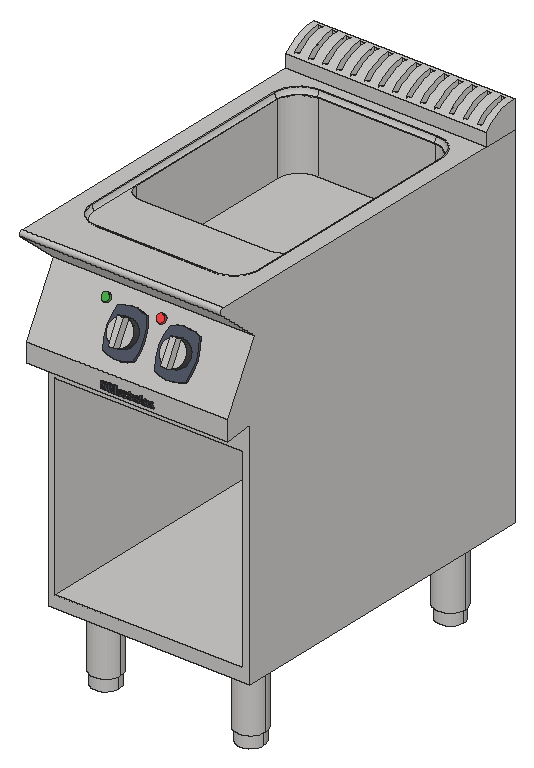
Revit family "QF_ELECTROLUXPROFESSIONAL_371109_E7MFEDDD00", category Specialty Equipment, Revit 2018
Family settings
  Round Connector Dimension = Use Diameter
  Part Type = Normal
  Work Plane-Based = No
  Always vertical = Yes
  Cut with Voids When Loaded = No
  Shared = No
  Room Calculation Point = No
Parameters
  Width = 400 mm  # constant formula
  Weight in Pounds = 88  # constant formula
  Watts = 5000 VA  # 5000 W
  Waste Water Discharge Temperature [instance] = -459.67 °F
  Volts = 400 V  # constant formula
  URL Cutsheet = "www.electrolux.com/foodservice"
  URL = "www.electrolux.com/foodservice"
  Type Mark [instance] = ""
  Status [instance] = ""
  Specification by User [instance] = ""
  Specification by Manufacturer = ""
  Show Logo [instance] = yes
  Show Clearance [instance] = yes
  Serial Number = ""
  Seismic Rating = ""
  SMACNA No = ""
  Revision Code [instance] = ""
  Plumbing Remarks [instance] = ""
  Plumbing Connection Type [instance] = ""
  Phase = 3  # constant formula
  Omniclass Number and Title = ""
  Number of Poles [instance] = 1
  NAFEM Spec ID Number = ""
  Model = "371109"
  Min Ckt Ampacity = 0 A
  Max Overcurrent Protection = 0 A
  Masterspec = ""
  Manufacturer = "ELECTROLUX"
  Item Number [instance] = ""
  Installed By [instance] = ""
  Indirect Waste Size = 0"
  Indirect Waste Flow [instance] = 0 GPM
  Indirect Waste Connection Type [instance] = ""
  Indirect Waste Connection Height = 0 mm
  Identify Quantity as Lot [instance] = yes
  Height = 333 mm  # constant formula
  HP = "6.7 HP"
  Furnished By [instance] = ""
  Foodservice Equipment Identifier [instance] = yes
  FL Amps = if(Phase = 3, Watts / (Volts * 1.73), Watts / Volts)  # 7.22543 A
  Electrical Remarks [instance] = "400 V/3N ph/50/60 Hz"  # constant formula
  Electric Connection Type [instance] = ""
  Elec Conn RI Height [instance] = 0 mm
  Elec Conn Connection Height [instance] = 0 mm
  Direct Waste Size = 0"
  Description = "700XP Electric Multifunctional Cooker 11 Lt. - with Compound Bottom - 400V"
  Depth = 730 mm  # constant formula
  Cycle = if([60 Hertz Option], 60 Hz, 50 Hz)  # 60 Hz
  Conn Plug = ""
  Conn Conduit = yes
  CSI MasterFormat = ""
  CSI Master Format = ""
  Base Height [instance] = 150 mm  # constant formula
  Apparent Power = if(Phase = 3, Volts * FL Amps * 1.73, Volts * FL Amps)  # 5000 VA
  60 Hertz Option = not([50 Hertz Option])  # yes
  50 Hertz Option = no
Reference planes
  plane 1 "BACK": y = 0
  plane 2: z = 0
  plane 3 "LEFT": x = 0
  plane 4 "RIGHT": x = 400
  plane 5 "FRONT": y = -730
  plane 6 "TOP": z = 905.238
  plane 7 "Center Y": x = 200
  plane 8 "Center X": y = -365
  plane 9 "BASE": z = 601
  plane 10 "TOP A": z = 851
  plane 11: y = -587.387
  plane 12: y = -90
  plane 13: z = 150
Forms (mm)
  Extrusion 1, solid, material "QF_Finishes_Stainless Steel"
    sketch origin (0, 0, 0) x (0, 1, 0) y (0, 0, 1)
      loop
        line (0, 851) -> (-725.027, 851)
        arc (-725.027, 851) -> (-730.893, 847.08) -> (-729.517, 840.16) r 6.35
        line (-729.517, 840.16) -> (-646.919, 767.809) -> (-713.522, 646.19) -> (-713.522, 608.09) -> (-660.15, 613.7) -> (-660.15, 150) -> (0, 150) -> (0, 851)
    from 0 to 400
  Extrusion 2, void
    sketch origin (0, 0, 851) x (-1, 0, 0) y (0, -1, 0)
      loop
        arc (-83.338, 90.124) -> (-47.982, 104.769) -> (-33.338, 140.124) r 50
        line (-33.338, 140.124) -> (-33.338, 595.265)
        arc (-33.338, 595.265) -> (-47.982, 630.62) -> (-83.338, 645.265) r 50
        line (-83.338, 645.265) -> (-316.662, 645.265)
        arc (-316.662, 645.265) -> (-352.018, 630.62) -> (-366.662, 595.265) r 50
        line (-366.662, 595.265) -> (-366.662, 140.124)
        arc (-366.662, 140.124) -> (-352.018, 104.769) -> (-316.662, 90.124) r 50
        line (-316.662, 90.124) -> (-83.338, 90.124)
    from 0 to -152.4
  Extrusion 3, solid, material "QF_Finishes_Clearance", visible <- "Show Clearance", detail levels coarse
    sketch origin (0, 0, 0) x (1, 0, 0) y (0, 1, 0)
      loop
        line (0, -731.377) -> (0, 0) -> (400, 0) -> (400, -731.377) -> (550.019, -731.377) -> (550.019, 150.019) -> (-150.019, 150.019) -> (-150.019, -731.377) -> (0, -731.377)
    from 0 to 905.237
  Revolve 4, solid, material "QF_Finishes_Stainless Steel"
    sketch origin (0, -587.387, 608.09) x (0, 0, 1) y (-1, 0, 0)
      loop
        line (-608.09, -56) -> (-458.09, -56) -> (-458.09, -26) -> (-583.09, -26) -> (-583.09, -29.75) -> (-608.09, -29.75) -> (-608.09, -56)
      axis (-608.09, -56) -> (-458.09, -56)
    angle from 0 to 360
  Revolve 5, solid, material "QF_Finishes_Stainless Steel"
    sketch origin (400.05, -587.387, 608.09) x (0, 0, 1) y (-1, 0, 0)
      loop
        line (-608.09, 56.05) -> (-608.09, 29.8) -> (-583.09, 29.8) -> (-583.09, 26.05) -> (-458.09, 26.05) -> (-458.09, 56.05) -> (-608.09, 56.05)
      axis (-608.09, 56.05) -> (-458.09, 56.05)
    angle from 0 to 360
  Revolve 6, solid, material "QF_Finishes_Stainless Steel"
    sketch origin (0, -90, 608.09) x (0, 0, 1) y (-1, 0, 0)
      loop
        line (-608.09, -56) -> (-458.09, -56) -> (-458.09, -26) -> (-583.09, -26) -> (-583.09, -29.75) -> (-608.09, -29.75) -> (-608.09, -56)
      axis (-608.09, -56) -> (-458.09, -56)
    angle from 0 to 360
  Revolve 7, solid, material "QF_Finishes_Stainless Steel"
    sketch origin (400.05, -90, 608.09) x (0, 0, 1) y (-1, 0, 0)
      loop
        line (-608.09, 56.05) -> (-608.09, 29.8) -> (-583.09, 29.8) -> (-583.09, 26.05) -> (-458.09, 26.05) -> (-458.09, 56.05) -> (-608.09, 56.05)
      axis (-608.09, 56.05) -> (-458.09, 56.05)
    angle from 0 to 360
  Extrusion 8, solid, material "QF_Finishes_Stainless Steel"
    sketch origin (-77.88, -4572, 601) x (-1, 0, 0) y (0, -1, 0)
      loop
        circle (-453.88, -4062) r 6.35
      loop
        circle (-211.88, -4016) r 12.7
    from 0 to -12.7
  Extrusion 9, solid, material "QF_Finishes_Stainless Steel"
    sketch origin (-77.88, -4572, 851) x (-1, 0, 0) y (0, -1, 0)
      loop
        line (-111.217, -4431.876) -> (-111.217, -3976.735)
        arc (-111.217, -3976.735) -> (-125.862, -3941.38) -> (-161.217, -3926.735) r 50
        line (-161.217, -3926.735) -> (-394.542, -3926.735)
        arc (-394.542, -3926.735) -> (-429.897, -3941.38) -> (-444.542, -3976.735) r 50
        line (-444.542, -3976.735) -> (-444.542, -4431.876)
        arc (-444.542, -4431.876) -> (-429.897, -4467.231) -> (-394.542, -4481.876) r 50
        line (-394.542, -4481.876) -> (-161.217, -4481.876)
        arc (-161.217, -4481.876) -> (-125.862, -4467.231) -> (-111.217, -4431.876) r 50
      loop
        arc (-439.487, -4431.876) -> (-426.323, -4463.657) -> (-394.542, -4476.821) r 44.945
        line (-394.542, -4476.821) -> (-161.217, -4476.821)
        arc (-161.217, -4476.821) -> (-129.436, -4463.657) -> (-116.272, -4431.876) r 44.945
        line (-116.272, -4431.876) -> (-116.272, -4081.735)
        arc (-116.272, -4081.735) -> (-125.059, -4060.522) -> (-146.272, -4051.735) r 30
        line (-146.272, -4051.735) -> (-409.487, -4051.735)
        arc (-409.487, -4051.735) -> (-430.7, -4060.522) -> (-439.487, -4081.735) r 30
        line (-439.487, -4081.735) -> (-439.487, -4431.876)
    from -12.7 to -152.4
  Sweep 10, solid, material "QF_Finishes_Stainless Steel"
    path origin (0, 0, 851) x (-1, 0, 0) y (0, -1, 0)
      loop
        line (-33.338, 140.124) -> (-33.338, 595.265)
        arc (-33.338, 595.265) -> (-47.982, 630.62) -> (-83.338, 645.265) r 50
        line (-83.338, 645.265) -> (-316.662, 645.265)
        arc (-316.662, 645.265) -> (-352.018, 630.62) -> (-366.662, 595.265) r 50
        line (-366.662, 595.265) -> (-366.662, 140.124)
        arc (-366.662, 140.124) -> (-352.018, 104.769) -> (-316.662, 90.124) r 50
        line (-316.662, 90.124) -> (-83.338, 90.124)
        arc (-83.338, 90.124) -> (-47.982, 104.769) -> (-33.338, 140.124) r 50
    profile origin (33.338, -367.694, 851) x (1, 0, 0) y (0, 0, 1)
      loop
        line (0, 0) -> (0, -10.84) -> (5.055, -10.84)
        arc (5.055, -10.84) -> (1.326, -5.98) -> (0, 0) r 14.151
  Extrusion 11, solid, material "QF_Finishes_Stainless Steel"
    sketch origin (0, 0, 0.762) x (0, 1, 0) y (0, 0, 1)
      loop
        line (0, 850.238) -> (0, 905.237)
        arc (0, 905.237) -> (-38.078, 897.879) -> (-69.85, 875.637) r 93.057
        line (-69.85, 875.637) -> (-69.85, 850.238) -> (0, 850.238)
    from 0 to 400.05
  Extrusion 12, void
    sketch origin (0, 0, 851) x (-1, 0, 0) y (0, -1, 0)
      loop
        line (-13.453, 6.761) -> (-13.453, 63.911) -> (-22.749, 63.911) -> (-22.749, 6.761) -> (-13.453, 6.761)
    from 25.4 to 63.5
  Extrusion 13, void
    sketch origin (400.05, 0, 851) x (1, 0, 0) y (0, 1, 0)
      loop
        line (-13.503, -6.761) -> (-22.799, -6.761) -> (-22.799, -63.911) -> (-13.503, -63.911) -> (-13.503, -6.761)
    from 25.4 to 63.5
  Extrusion 14, void
    sketch origin (27.988, 0, 851) x (-1, 0, 0) y (0, -1, 0)
      loop
        line (-13.453, 6.761) -> (-13.453, 63.911) -> (-22.749, 63.911) -> (-22.749, 6.761) -> (-13.453, 6.761)
    from 25.4 to 63.5
  Extrusion 15, void
    sketch origin (55.977, 0, 851) x (-1, 0, 0) y (0, -1, 0)
      loop
        line (-13.453, 6.761) -> (-13.453, 63.911) -> (-22.749, 63.911) -> (-22.749, 6.761) -> (-13.453, 6.761)
    from 25.4 to 63.5
  Extrusion 16, void
    sketch origin (83.965, 0, 851) x (-1, 0, 0) y (0, -1, 0)
      loop
        line (-13.428, 6.761) -> (-13.428, 63.911) -> (-22.724, 63.911) -> (-22.724, 6.761) -> (-13.428, 6.761)
    from 25.4 to 63.5
  Extrusion 17, void
    sketch origin (111.953, 0, 851) x (-1, 0, 0) y (0, -1, 0)
      loop
        line (-13.428, 6.761) -> (-13.428, 63.911) -> (-22.724, 63.911) -> (-22.724, 6.761) -> (-13.428, 6.761)
    from 25.4 to 63.5
  Extrusion 18, void
    sketch origin (139.942, 0, 851) x (-1, 0, 0) y (0, -1, 0)
      loop
        line (-13.428, 6.761) -> (-13.428, 63.911) -> (-22.724, 63.911) -> (-22.724, 6.761) -> (-13.428, 6.761)
    from 25.4 to 63.5
  Extrusion 19, void
    sketch origin (167.93, 0, 851) x (-1, 0, 0) y (0, -1, 0)
      loop
        line (-13.428, 6.761) -> (-13.428, 63.911) -> (-22.724, 63.911) -> (-22.724, 6.761) -> (-13.428, 6.761)
    from 25.4 to 63.5
  Extrusion 20, void
    sketch origin (195.918, 0, 851) x (-1, 0, 0) y (0, -1, 0)
      loop
        line (-13.428, 6.761) -> (-13.428, 63.911) -> (-22.724, 63.911) -> (-22.724, 6.761) -> (-13.428, 6.761)
    from 25.4 to 63.5
  Extrusion 21, void
    sketch origin (223.907, 0, 851) x (-1, 0, 0) y (0, -1, 0)
      loop
        line (-13.428, 6.761) -> (-13.428, 63.911) -> (-22.724, 63.911) -> (-22.724, 6.761) -> (-13.428, 6.761)
    from 25.4 to 63.5
  Extrusion 22, void
    sketch origin (251.895, 0, 851) x (-1, 0, 0) y (0, -1, 0)
      loop
        line (-13.428, 6.761) -> (-13.428, 63.911) -> (-22.724, 63.911) -> (-22.724, 6.761) -> (-13.428, 6.761)
    from 25.4 to 63.5
  Extrusion 23, void
    sketch origin (279.884, 0, 851) x (-1, 0, 0) y (0, -1, 0)
      loop
        line (-13.403, 6.761) -> (-13.403, 63.911) -> (-22.699, 63.911) -> (-22.699, 6.761) -> (-13.403, 6.761)
    from 25.4 to 63.5
  Extrusion 24, void
    sketch origin (307.872, 0, 851) x (-1, 0, 0) y (0, -1, 0)
      loop
        line (-13.403, 6.761) -> (-13.403, 63.911) -> (-22.699, 63.911) -> (-22.699, 6.761) -> (-13.403, 6.761)
    from 25.4 to 63.5
  Extrusion 25, void
    sketch origin (335.86, 0, 851) x (-1, 0, 0) y (0, -1, 0)
      loop
        line (-13.403, 6.761) -> (-13.403, 63.911) -> (-22.699, 63.911) -> (-22.699, 6.761) -> (-13.403, 6.761)
    from 25.4 to 63.5
  Extrusion 26, solid, material "QF_Finishes_Navy Blue"
    sketch origin (114.675, -713.772, 646.19) x (0, 0.484042, 0.875045) y (-1, 0, 0)
      loop
        arc (105.947, -132.642) -> (68.865, -123.661) -> (31.333, -130.523) r 91.844
        arc (31.333, -130.523) -> (24.206, -161.165) -> (31.333, -191.808) r 69.441
        arc (31.333, -191.808) -> (68.854, -198.519) -> (105.947, -189.74) r 93.759
        arc (105.947, -189.74) -> (112.176, -161.191) -> (105.947, -132.642) r 68.543
    from 0 to 3.175
  Extrusion 27, solid, material "QF_Finishes_Stainless Steel"
    sketch origin (114.675, -716.55, 647.727) x (0, 0.484042, 0.875045) y (-1, 0, 0)
      loop
        circle (68.826, -160.963) r 25.4
    from 0 to 12.7
  Extrusion 28, solid, material "QF_Finishes_Stainless Steel"
    sketch origin (114.675, -727.663, 653.875) x (0, 0.484042, 0.875045) y (-1, 0, 0)
      loop
        arc (93.558, -166.749) -> (94.226, -160.963) -> (93.558, -155.177) r 25.4
        line (93.558, -155.177) -> (44.094, -155.177)
        arc (44.094, -155.177) -> (43.426, -160.963) -> (44.094, -166.749) r 25.4
        line (44.094, -166.749) -> (93.558, -166.749)
    from 0 to 12.7
  Extrusion 29, solid, material "QF_Finishes_Navy Blue"
    sketch origin (9.675, -713.772, 646.19) x (0, 0.484042, 0.875045) y (-1, 0, 0)
      loop
        arc (105.947, -132.642) -> (68.865, -123.661) -> (31.333, -130.523) r 91.844
        arc (31.333, -130.523) -> (24.206, -161.165) -> (31.333, -191.808) r 69.441
        arc (31.333, -191.808) -> (68.854, -198.519) -> (105.947, -189.74) r 93.759
        arc (105.947, -189.74) -> (112.176, -161.191) -> (105.947, -132.642) r 68.543
    from 0 to 3.175
  Extrusion 30, solid, material "QF_Finishes_Stainless Steel"
    sketch origin (9.675, -716.55, 647.727) x (0, 0.484042, 0.875045) y (-1, 0, 0)
      loop
        circle (68.826, -160.963) r 25.4
    from 0 to 12.7
  Extrusion 31, solid, material "QF_Finishes_Stainless Steel"
    sketch origin (9.675, -727.663, 653.875) x (0, 0.484042, 0.875045) y (-1, 0, 0)
      loop
        arc (93.558, -166.749) -> (94.226, -160.963) -> (93.558, -155.177) r 25.4
        line (93.558, -155.177) -> (44.094, -155.177)
        arc (44.094, -155.177) -> (43.426, -160.963) -> (44.094, -166.749) r 25.4
        line (44.094, -166.749) -> (93.558, -166.749)
    from 0 to 12.7
  Extrusion 32, void
    sketch origin (0, -660.15, 150) x (0, 0, -1) y (-1, 0, 0)
      loop
        line (-25.4, -387.3) -> (-25.4, -12.7) -> (-412.9, -12.7) -> (-412.9, -387.3) -> (-25.4, -387.3)
    from 0 to 570.276
  Extrusion 33, solid, material "QF_Finishes_Green"
    sketch origin (22.175, -713.772, 646.19) x (0, 0.484042, 0.875045) y (-1, 0, 0)
      loop
        circle (110.564, -93.816) r 8
    from 0 to 3.175
  Extrusion 34, solid, material "QF_Finishes_Red"
    sketch origin (132.175, -713.772, 646.19) x (0, 0.484042, 0.875045) y (-1, 0, 0)
      loop
        circle (110.564, -93.816) r 8
    from 0 to 3.175
  Extrusion 35, solid, material "QF_Finishes_Navy Blue", visible <- "Show Logo"
    sketch origin (-140, -713.772, 608.09) x (0, 0, 1) y (-1, 0, 0)
      loop
        line (20.674, -296.698) -> (8.307, -296.698)
        arc (8.307, -296.698) -> (14.491, -301.27) -> (20.674, -296.698) r 6.467
      loop
        arc (20.674, -296.069) -> (19.505, -290.926) -> (14.849, -288.448) r 6.338
        line (14.849, -288.448) -> (14.849, -290.494)
        arc (14.849, -290.494) -> (16.333, -294.149) -> (19.778, -296.069) r 5.941
        line (19.778, -296.069) -> (20.674, -296.069)
      loop
        arc (9.203, -296.069) -> (12.648, -294.149) -> (14.132, -290.494) r 5.941
        line (14.132, -290.494) -> (14.132, -288.448)
        arc (14.132, -288.448) -> (9.438, -290.922) -> (8.148, -296.069) r 6.504
        line (8.148, -296.069) -> (9.203, -296.069)
      loop
        line (21.349, -287.979) -> (7.604, -287.979) -> (7.604, -301.742) -> (21.349, -301.742) -> (21.349, -287.979)
      loop
        arc (21.432, -304.71) -> (21.085, -304.352) -> (20.718, -304.69) r 0.358
        arc (20.718, -304.69) -> (20.404, -305.44) -> (19.687, -305.825) r 1.216
        line (19.687, -305.825) -> (9.274, -305.825)
        arc (9.274, -305.825) -> (8.614, -305.548) -> (8.218, -304.951) r 1.238
        arc (8.218, -304.951) -> (7.823, -304.7) -> (7.518, -305.054) r 0.358
        line (7.518, -305.054) -> (7.518, -314.933) -> (10.269, -314.933) -> (10.269, -314.036)
        arc (10.269, -314.036) -> (9.36, -313.456) -> (8.904, -312.479) r 1.928
        line (8.904, -312.479) -> (8.904, -309.98)
        arc (8.904, -309.98) -> (9.18, -309.251) -> (9.868, -308.887) r 1.101
        line (9.868, -308.887) -> (13.955, -308.887) -> (13.955, -312.561)
        arc (13.955, -312.561) -> (13.602, -313.058) -> (13.037, -313.286) r 1.083
        arc (13.037, -313.286) -> (12.773, -313.591) -> (13.065, -313.869) r 0.292
        line (13.065, -313.869) -> (16.028, -313.869)
        arc (16.028, -313.869) -> (16.33, -313.596) -> (16.092, -313.266) r 0.305
        arc (16.092, -313.266) -> (15.601, -313.018) -> (15.296, -312.561) r 1.083
        line (15.296, -312.561) -> (15.296, -308.887) -> (19.973, -308.887) -> (19.973, -312.635)
        arc (19.973, -312.635) -> (19.759, -313.39) -> (19.153, -313.888) r 1.314
        arc (19.153, -313.888) -> (18.934, -314.292) -> (19.288, -314.585) r 0.361
        line (19.288, -314.585) -> (21.432, -314.585) -> (21.432, -304.71)
      loop
        arc (20.715, -315.365) -> (20.335, -316.284) -> (19.416, -316.664) r 1.299
        line (19.416, -316.664) -> (9.837, -316.664)
        arc (9.837, -316.664) -> (8.999, -316.286) -> (8.728, -315.408) r 1.118
        line (8.728, -315.408) -> (7.518, -315.408) -> (7.518, -320.758) -> (8.706, -320.758)
        arc (8.706, -320.758) -> (8.978, -319.841) -> (9.848, -319.445) r 1.153
        line (9.848, -319.445) -> (21.92, -319.445) -> (20.715, -315.365)
      loop
        line (12.483, -323.394) -> (12.483, -329.842) -> (13.282, -329.842)
        arc (13.282, -329.842) -> (15.862, -328.857) -> (17.131, -326.404) r 3.874
        line (17.131, -326.404) -> (17.131, -324.643)
        arc (17.131, -324.643) -> (15.944, -321.778) -> (13.08, -320.592) r 4.051
        line (13.08, -320.592) -> (11.072, -320.592)
        arc (11.072, -320.592) -> (8.253, -322.077) -> (7.202, -325.084) r 4.352
        arc (7.202, -325.084) -> (7.566, -327.547) -> (8.943, -329.621) r 5.713
        line (8.943, -329.621) -> (9.892, -329.621)
        arc (9.892, -329.621) -> (9.16, -328.052) -> (8.943, -326.334) r 5.579
        arc (8.943, -326.334) -> (9.737, -324.371) -> (11.616, -323.394) r 3.057
        line (11.616, -323.394) -> (12.483, -323.394)
      loop
        line (13.742, -323.394) -> (13.742, -326.977)
        arc (13.742, -326.977) -> (15.199, -327.024) -> (16.082, -325.864) r 1.59
        line (16.082, -325.864) -> (16.082, -325.034)
        arc (16.082, -325.034) -> (15.217, -323.779) -> (13.742, -323.394) r 2.184
      loop
        arc (16.533, -339.259) -> (17.022, -337.585) -> (17.179, -335.848) r 9.023
        line (17.179, -335.848) -> (17.179, -334.486)
        arc (17.179, -334.486) -> (16.02, -331.686) -> (13.22, -330.527) r 3.959
        line (13.22, -330.527) -> (10.62, -330.527)
        arc (10.62, -330.527) -> (8.338, -331.819) -> (7.221, -334.192) r 4.331
        line (7.221, -334.192) -> (7.221, -336.327)
        arc (7.221, -336.327) -> (7.729, -337.877) -> (8.651, -339.223) r 5.772
        arc (8.651, -339.223) -> (9.412, -339.274) -> (9.499, -338.515) r 0.553
        arc (9.499, -338.515) -> (9.111, -337.781) -> (8.977, -336.962) r 2.573
        line (8.977, -336.962) -> (8.977, -335.447)
        arc (8.977, -335.447) -> (9.983, -333.806) -> (11.798, -333.163) r 2.884
        line (11.798, -333.163) -> (13.077, -333.163)
        arc (13.077, -333.163) -> (14.898, -333.723) -> (15.824, -335.388) r 2.554
        line (15.824, -335.388) -> (15.824, -336.441)
        arc (15.824, -336.441) -> (15.493, -337.369) -> (14.836, -338.104) r 2.564
        arc (14.836, -338.104) -> (14.614, -338.821) -> (15.223, -339.259) r 0.643
        line (15.223, -339.259) -> (16.533, -339.259)
      loop
        line (15.515, -339.53) -> (15.515, -341.031) -> (9.467, -341.031)
        arc (9.467, -341.031) -> (7.879, -341.688) -> (7.221, -343.276) r 2.246
        line (7.221, -343.276) -> (7.221, -344.86)
        arc (7.221, -344.86) -> (7.535, -345.725) -> (8.035, -346.496) r 4.06
        arc (8.035, -346.496) -> (8.768, -346.629) -> (9.019, -345.928) r 0.576
        arc (9.019, -345.928) -> (8.913, -345.403) -> (8.977, -344.87) r 1.69
        arc (8.977, -344.87) -> (9.519, -344.082) -> (10.425, -343.779) r 1.506
        line (10.425, -343.779) -> (15.563, -343.779) -> (15.563, -346.176) -> (16.119, -346.733) -> (16.941, -346.733) -> (16.941, -343.873) -> (20.172, -343.873) -> (15.515, -339.53)
      loop
        line (7.438, -347.63) -> (7.438, -353.017) -> (8.548, -353.017)
        arc (8.548, -353.017) -> (8.942, -352.066) -> (9.893, -351.672) r 1.345
        line (9.893, -351.672) -> (13.509, -351.672)
        arc (13.509, -351.672) -> (14.274, -352.264) -> (14.564, -353.186) r 1.615
        line (14.564, -353.186) -> (14.564, -354.742) -> (17.119, -355.427) -> (17.119, -354.044) -> (15.177, -351.485) -> (17.057, -351.485) -> (16.773, -348.779)
        arc (16.773, -348.779) -> (16.333, -348.249) -> (15.674, -348.45) r 0.621
        arc (15.674, -348.45) -> (15.274, -348.792) -> (14.78, -348.975) r 1.501
        line (14.78, -348.975) -> (9.893, -348.975)
        arc (9.893, -348.975) -> (8.942, -348.581) -> (8.548, -347.63) r 1.345
        line (8.548, -347.63) -> (7.438, -347.63)
      loop
        line (13.54, -354.964) -> (10.848, -354.964)
        arc (10.848, -354.964) -> (8.403, -356.272) -> (7.269, -358.803) r 4.288
        arc (7.269, -358.803) -> (7.205, -360.183) -> (7.269, -361.563) r 15.022
        arc (7.269, -361.563) -> (8.403, -364.094) -> (10.848, -365.401) r 4.288
        line (10.848, -365.401) -> (13.54, -365.401)
        arc (13.54, -365.401) -> (15.986, -364.094) -> (17.119, -361.563) r 4.288
        arc (17.119, -361.563) -> (17.183, -360.183) -> (17.119, -358.803) r 15.022
        arc (17.119, -358.803) -> (15.986, -356.272) -> (13.54, -354.964) r 4.288
      loop
        line (13.745, -358.078) -> (10.643, -358.078)
        arc (10.643, -358.078) -> (8.486, -360.235) -> (10.643, -362.392) r 2.157
        line (10.643, -362.392) -> (13.745, -362.392)
        arc (13.745, -362.392) -> (15.902, -360.235) -> (13.745, -358.078) r 2.157
      loop
        arc (20.726, -365.26) -> (20.355, -366.154) -> (19.461, -366.524) r 1.264
        line (19.461, -366.524) -> (9.597, -366.524)
        arc (9.597, -366.524) -> (8.727, -366.127) -> (8.455, -365.211) r 1.153
        line (8.455, -365.211) -> (7.518, -365.211) -> (7.518, -370.319) -> (8.446, -370.319)
        arc (8.446, -370.319) -> (8.805, -369.547) -> (9.597, -369.232) r 1.153
        line (9.597, -369.232) -> (21.92, -369.232) -> (20.726, -365.26)
      loop
        arc (15.846, -369.857) -> (15.647, -370.921) -> (14.678, -371.403) r 1.215
        line (14.678, -371.403) -> (9.658, -371.403)
        arc (9.658, -371.403) -> (8.043, -372.051) -> (7.322, -373.634) r 2.338
        line (7.322, -373.634) -> (7.322, -375.148)
        arc (7.322, -375.148) -> (7.497, -376.152) -> (7.999, -377.038) r 2.979
        line (7.999, -377.038) -> (7.518, -378.835) -> (7.518, -380.524) -> (16.943, -380.524) -> (16.649, -376.32) -> (15.863, -376.32)
        arc (15.863, -376.32) -> (15.507, -377.156) -> (14.755, -377.665) r 1.605
        line (14.755, -377.665) -> (9.652, -377.665)
        arc (9.652, -377.665) -> (9.232, -376.728) -> (9.159, -375.704) r 2.94
        arc (9.159, -375.704) -> (9.72, -374.603) -> (10.873, -374.16) r 1.724
        line (10.873, -374.16) -> (17.07, -374.16) -> (15.846, -369.857)
      loop
        line (16.874, -381.377) -> (15.202, -383.423) -> (12.028, -385.729) -> (8.572, -382.617)
        arc (8.572, -382.617) -> (8.335, -382.223) -> (8.357, -381.764) r 0.789
        line (8.357, -381.764) -> (7.518, -381.764) -> (7.518, -385.309) -> (8.344, -385.309)
        arc (8.344, -385.309) -> (8.686, -384.947) -> (9.176, -385.039) r 0.52
        line (9.176, -385.039) -> (10.976, -386.51) -> (8.858, -387.886)
        arc (8.858, -387.886) -> (8.457, -387.576) -> (8.37, -387.076) r 0.7
        line (8.37, -387.076) -> (7.518, -387.076) -> (7.518, -393.003) -> (8.405, -393.003)
        arc (8.405, -393.003) -> (8.472, -392.344) -> (8.866, -391.813) r 1.247
        line (8.866, -391.813) -> (13.066, -388.532) -> (15.513, -390.585) -> (16.874, -392.327) -> (16.874, -388.604) -> (15.389, -389.026) -> (13.868, -387.749) -> (15.568, -386.559) -> (16.874, -387.336) -> (16.874, -381.377)
    from 0 to 1.644
Cuts and joins
  Extrusion 2, Extrusion 32 cuts Extrusion 1
  Extrusion 12, Extrusion 13, Extrusion 14, Extrusion 15, Extrusion 16, Extrusion 17, Extrusion 18, Extrusion 19, Extrusion 20, Extrusion 21, Extrusion 22, Extrusion 23, Extrusion 24, Extrusion 25, Extrusion 32 cuts Extrusion 3
  Extrusion 12, Extrusion 13, Extrusion 14, Extrusion 15, Extrusion 16, Extrusion 17, Extrusion 18, Extrusion 19, Extrusion 20, Extrusion 21, Extrusion 22, Extrusion 23, Extrusion 24, Extrusion 25 cuts Extrusion 11
Lines and regions (mm)
  symbolic lines, style "QF-Clearances", visible <- "Show Clearance", detail levels coarse
    curve 1: line (-150.019, 150.019, 851) -> (-150.019, -731.377, 851)
    curve 2: line (550.019, 150.019, 851) -> (-150.019, 150.019, 851)
    curve 3: line (550.019, -731.377, 851) -> (550.019, 150.019, 851)
  symbolic lines
    curve 4: line (0, 0, 851) -> (400, 0, 851)
    curve 5: line (0, -730, 851) -> (0, 0, 851)
    curve 6: line (400, 0, 851) -> (400, -730, 851)
    curve 7: line (0, -69.85, 851) -> (0, -63.012, 851)
    curve 8: line (400, -730, 851) -> (0, -730, 851)
    curve 9: arc (361.608, -490.265, 851) -> (352.821, -511.478, 851) -> (331.608, -520.265, 851) r 30
    curve 10: arc (68.392, -520.265, 851) -> (47.179, -511.478, 851) -> (38.392, -490.265, 851) r 30
    curve 11: arc (83.313, -95.179, 851) -> (51.549, -108.336, 851) -> (38.392, -140.099, 851) r 44.92
    curve 12: line (38.392, -140.099, 851) -> (38.392, -595.265, 851)
    curve 13: arc (38.392, -595.265, 851) -> (51.556, -627.046, 851) -> (83.338, -640.21, 851) r 44.945
    curve 14: arc (316.663, -640.21, 851) -> (348.444, -627.046, 851) -> (361.608, -595.265, 851) r 44.945
    curve 15: line (361.608, -595.265, 851) -> (361.608, -140.124, 851)
    curve 16: arc (361.608, -140.124, 851) -> (348.444, -108.343, 851) -> (316.663, -95.179, 851) r 44.945
    curve 17: arc (83.313, -90.124, 851) -> (47.975, -104.761, 851) -> (33.338, -140.099, 851) r 49.975
    curve 18: line (33.338, -140.099, 851) -> (33.338, -595.265, 851)
    curve 19: arc (33.338, -595.265, 851) -> (47.982, -630.62, 851) -> (83.338, -645.265, 851) r 50
    curve 20: arc (316.663, -645.265, 851) -> (352.018, -630.62, 851) -> (366.663, -595.265, 851) r 50
    curve 21: line (366.663, -595.265, 851) -> (366.663, -140.124, 851)
    curve 22: arc (366.663, -140.124, 851) -> (352.018, -104.769, 851) -> (316.663, -90.124, 851) r 50
    curve 23: line (316.663, -90.124, 851) -> (79.418, -90.124, 851)
    curve 24: line (83.338, -645.265, 851) -> (316.663, -645.265, 851)
    curve 25: line (83.338, -640.21, 851) -> (316.663, -640.21, 851)
    curve 26: line (331.608, -520.265, 851) -> (68.392, -520.265, 851)
    curve 27: line (316.663, -95.179, 851) -> (83.313, -95.179, 851)
    curve 28: line (0, -69.85, 851) -> (400, -69.85, 851)
    curve 29: line (22.724, -6.761, 851) -> (22.724, -63.911, 851)
    curve 30: line (22.724, -63.911, 851) -> (13.428, -63.911, 851)
    curve 31: line (13.428, -63.911, 851) -> (13.428, -6.761, 851)
    curve 32: line (13.428, -6.761, 851) -> (22.724, -6.761, 851)
    curve 33: line (386.547, -6.761, 851) -> (386.547, -63.911, 851)
    curve 34: line (386.547, -63.911, 851) -> (377.251, -63.911, 851)
    curve 35: line (377.251, -63.911, 851) -> (377.251, -6.761, 851)
    curve 36: line (377.251, -6.761, 851) -> (386.547, -6.761, 851)
    curve 37: line (50.712, -6.761, 851) -> (50.712, -63.911, 851)
    curve 38: line (50.712, -63.911, 851) -> (41.416, -63.911, 851)
    curve 39: line (41.416, -63.911, 851) -> (41.416, -6.761, 851)
    curve 40: line (41.416, -6.761, 851) -> (50.712, -6.761, 851)
    curve 41: line (78.7, -6.761, 851) -> (78.7, -63.911, 851)
    curve 42: line (78.7, -63.911, 851) -> (69.405, -63.911, 851)
    curve 43: line (69.405, -63.911, 851) -> (69.405, -6.761, 851)
    curve 44: line (69.405, -6.761, 851) -> (78.7, -6.761, 851)
    curve 45: line (106.689, -6.761, 851) -> (106.689, -63.911, 851)
    curve 46: line (106.689, -63.911, 851) -> (97.393, -63.911, 851)
    curve 47: line (97.393, -63.911, 851) -> (97.393, -6.761, 851)
    curve 48: line (97.393, -6.761, 851) -> (106.689, -6.761, 851)
    curve 49: line (134.677, -6.761, 851) -> (134.677, -63.911, 851)
    curve 50: line (134.677, -63.911, 851) -> (125.381, -63.911, 851)
    curve 51: line (125.381, -63.911, 851) -> (125.381, -6.761, 851)
    curve 52: line (125.381, -6.761, 851) -> (134.677, -6.761, 851)
    curve 53: line (162.665, -6.761, 851) -> (162.665, -63.911, 851)
    curve 54: line (162.665, -63.911, 851) -> (153.37, -63.911, 851)
    curve 55: line (153.37, -63.911, 851) -> (153.37, -6.761, 851)
    curve 56: line (153.37, -6.761, 851) -> (162.665, -6.761, 851)
    curve 57: line (190.654, -6.761, 851) -> (190.654, -63.911, 851)
    curve 58: line (190.654, -63.911, 851) -> (181.358, -63.911, 851)
    curve 59: line (181.358, -63.911, 851) -> (181.358, -6.761, 851)
    curve 60: line (181.358, -6.761, 851) -> (190.654, -6.761, 851)
    curve 61: line (218.642, -6.761, 851) -> (218.642, -63.911, 851)
    curve 62: line (218.642, -63.911, 851) -> (209.346, -63.911, 851)
    curve 63: line (209.346, -63.911, 851) -> (209.346, -6.761, 851)
    curve 64: line (209.346, -6.761, 851) -> (218.642, -6.761, 851)
    curve 65: line (246.605, -6.761, 851) -> (246.605, -63.911, 851)
    curve 66: line (246.605, -63.911, 851) -> (237.31, -63.911, 851)
    curve 67: line (237.31, -63.911, 851) -> (237.31, -6.761, 851)
    curve 68: line (237.31, -6.761, 851) -> (246.605, -6.761, 851)
    curve 69: line (274.594, -6.761, 851) -> (274.594, -63.911, 851)
    curve 70: line (274.594, -63.911, 851) -> (265.298, -63.911, 851)
    curve 71: line (265.298, -63.911, 851) -> (265.298, -6.761, 851)
    curve 72: line (265.298, -6.761, 851) -> (274.594, -6.761, 851)
    curve 73: line (302.582, -6.761, 851) -> (302.582, -63.911, 851)
    curve 74: line (302.582, -63.911, 851) -> (293.286, -63.911, 851)
    curve 75: line (293.286, -63.911, 851) -> (293.286, -6.761, 851)
    curve 76: line (293.286, -6.761, 851) -> (302.582, -6.761, 851)
    curve 77: line (330.57, -6.761, 851) -> (330.57, -63.911, 851)
    curve 78: line (330.57, -63.911, 851) -> (321.275, -63.911, 851)
    curve 79: line (321.275, -63.911, 851) -> (321.275, -6.761, 851)
    curve 80: line (321.275, -6.761, 851) -> (330.57, -6.761, 851)
    curve 81: line (358.559, -6.761, 851) -> (358.559, -63.911, 851)
    curve 82: line (358.559, -63.911, 851) -> (349.263, -63.911, 851)
    curve 83: line (349.263, -63.911, 851) -> (349.263, -6.761, 851)
    curve 84: line (349.263, -6.761, 851) -> (358.559, -6.761, 851)
Dimensions and locks
  equal spacing: plane 3 "LEFT", plane 7 "Center Y", plane 4 "RIGHT"
  "Width": plane 3 "LEFT" to plane 4 "RIGHT"
  equal spacing: plane 5 "FRONT", plane 8 "Center X", plane 1 "BACK"
  "Depth": plane 5 "FRONT" to plane 1 "BACK"
  plane 1 "BACK" to plane 5 "FRONT" = 730 mm
  locked: plane 10 "TOP A" to plane 9 "BASE" at 250
  "Base Height": plane 13 to level
  plane 10 "TOP A" to plane 13 = 701 mm
  plane 3 "LEFT" to Extrusion 8 sketch curve = 134 mm
  Extrusion 8 sketch curve to plane 1 "BACK" = 556 mm
  Extrusion 8 sketch curve to plane 4 "RIGHT" = 24 mm
  Extrusion 8 sketch curve to plane 1 "BACK" = 510 mm
  aligned and locked: level to plane 2
  aligned and locked: plane 4 "RIGHT" to Extrusion 1
  aligned and locked: plane 6 "TOP" to Extrusion 3
Automatic sketch dimensions
  Extrusion 1 sketch curve to plane 10 "TOP A" = 0 mm
  Extrusion 1 sketch curve to plane 13 = 0 mm
  Extrusion 1 sketch curve to plane 1 "BACK" = 0 mm
  plane 11 to Extrusion 1 sketch curve = 59.531 mm
  plane 9 "BASE" to Extrusion 1 sketch curve = 12.7 mm
  Extrusion 1 sketch curve to plane 5 "FRONT" = 69.85 mm
  plane 9 "BASE" to Extrusion 1 sketch curve = 7.09 mm
  Extrusion 1 sketch curve to plane 5 "FRONT" = 16.478 mm
  Extrusion 1 sketch curve to plane 5 "FRONT" = 4.973 mm
  Extrusion 1 sketch curve to plane 5 "FRONT" = 0.483 mm
  Extrusion 1 sketch curve to Extrusion 1 sketch curve = 38.1 mm
  Extrusion 1 sketch curve to plane 10 "TOP A" = 83.191 mm
  Extrusion 1 sketch curve to plane 10 "TOP A" = 10.84 mm
  plane 11 to Extrusion 2 sketch curve = 7.877 mm
  Extrusion 2 sketch curve to plane 4 "RIGHT" = 33.337 mm
  plane 11 to Extrusion 2 sketch curve = 57.877 mm
  plane 12 to Extrusion 2 sketch curve = 0.124 mm
  Extrusion 2 sketch curve to Extrusion 2 sketch curve = 50 mm
  plane 3 "LEFT" to Extrusion 2 sketch curve = 83.338 mm  (x2)
  plane 3 "LEFT" to Extrusion 2 sketch curve = 33.338 mm
  plane 1 "BACK" to Extrusion 3 sketch curve = 0 mm
  Extrusion 3 sketch curve to plane 3 "LEFT" = 0 mm
  Extrusion 3 sketch curve to plane 4 "RIGHT" = 0 mm
  Extrusion 3 sketch curve to plane 3 "LEFT" = 150.019 mm
  plane 5 "FRONT" to Extrusion 3 sketch curve = 1.377 mm  (x2)
  plane 4 "RIGHT" to Extrusion 3 sketch curve = 150.019 mm
  Extrusion 3 sketch curve to plane 1 "BACK" = 150.019 mm
  curve 11 to curve 17 = 0 mm  (x2)
  curve 13 to curve 19 = 0 mm  (x2)
  curve 14 to curve 20 = 0 mm  (x2)
  curve 16 to curve 22 = 0 mm
  curve 8 to plane 4 "RIGHT" = 0 mm
  curve 28 to plane 3 "LEFT" = 0 mm
  curve 7 to plane 3 "LEFT" = 0 mm
  plane 1 "BACK" to curve 5 = 0 mm
  plane 5 "FRONT" to curve 6 = 0 mm
  plane 4 "RIGHT" to curve 3 = 150.019 mm
  curve 33 to plane 4 "RIGHT" = 13.453 mm
  curve 33 to curve 36 = 9.296 mm
  plane 11 to curve 20 = 7.877 mm
  curve 20 to plane 4 "RIGHT" = 33.337 mm
  curve 22 to curve 16 = 5.055 mm
  curve 34 to curve 82 = 18.693 mm
  curve 81 to curve 82 = 9.296 mm
  curve 82 to curve 78 = 18.693 mm
  curve 77 to curve 80 = 9.296 mm
  plane 11 to curve 14 = 52.822 mm
  plane 1 "BACK" to curve 76 = 6.761 mm
  curve 79 to curve 76 = 18.693 mm
  curve 73 to curve 75 = 9.296 mm
  plane 1 "BACK" to curve 69 = 6.761 mm
  curve 75 to curve 69 = 18.693 mm
  curve 69 to curve 71 = 9.296 mm
  plane 1 "BACK" to curve 65 = 6.761 mm
  curve 71 to curve 65 = 18.693 mm
  curve 65 to curve 67 = 9.296 mm
  plane 7 "Center Y" to curve 62 = 18.642 mm
  curve 61 to curve 63 = 9.296 mm
  curve 60 to plane 7 "Center Y" = 9.346 mm
  curve 57 to curve 59 = 9.296 mm
  plane 1 "BACK" to curve 56 = 6.761 mm
  curve 59 to curve 56 = 18.693 mm
  curve 53 to curve 55 = 9.296 mm
  curve 54 to curve 50 = 18.693 mm
  curve 49 to curve 51 = 9.296 mm
  curve 50 to curve 45 = 18.693 mm
  curve 45 to curve 47 = 9.296 mm
  curve 10 to plane 11 = 67.123 mm
  plane 3 "LEFT" to curve 19 = 83.338 mm
  plane 12 to curve 27 = 5.179 mm
  curve 17 to curve 23 = 3.895 mm
  curve 46 to curve 42 = 18.693 mm
  curve 41 to curve 43 = 9.296 mm
  curve 10 to curve 10 = 30 mm
  curve 42 to curve 37 = 18.693 mm
  curve 37 to curve 39 = 9.296 mm
  plane 1 "BACK" to curve 29 = 6.761 mm
  curve 39 to curve 29 = 18.693 mm
  curve 29 to curve 30 = 9.296 mm
  plane 5 "FRONT" to curve 1 = 1.377 mm
  curve 1 to plane 3 "LEFT" = 150.019 mm
  curve 2 to plane 1 "BACK" = 150.019 mm
  plane 1 "BACK" to curve 81 = 6.761 mm
  plane 1 "BACK" to curve 80 = 6.761 mm
  plane 1 "BACK" to curve 64 = 6.761 mm
  plane 1 "BACK" to curve 60 = 6.761 mm
  plane 1 "BACK" to curve 52 = 6.761 mm
  plane 1 "BACK" to curve 48 = 6.761 mm
  plane 1 "BACK" to curve 44 = 6.761 mm
  plane 1 "BACK" to curve 40 = 6.761 mm
  plane 1 "BACK" to curve 36 = 6.761 mm
  curve 7 to plane 12 = 26.988 mm
  curve 82 to plane 12 = 26.089 mm
  curve 53 to plane 12 = 26.089 mm
  curve 79 to plane 12 = 26.089 mm
  curve 75 to plane 12 = 26.089 mm
  curve 71 to plane 12 = 26.089 mm
  curve 7 to curve 29 = 0.898 mm
  curve 67 to plane 12 = 26.089 mm
  curve 33 to plane 12 = 26.089 mm
  curve 63 to plane 12 = 26.089 mm
  curve 38 to plane 12 = 26.089 mm
  curve 53 to curve 59 = 0 mm
  curve 41 to plane 12 = 26.089 mm
  curve 45 to plane 12 = 26.089 mm
  curve 45 to curve 51 = 0 mm
  curve 33 to curve 28 = 5.939 mm
  curve 7 to curve 28 = 0 mm
  plane 5 "FRONT" to curve 3 = 1.377 mm
  Revolve 4 sketch curve to level = 0 mm
  Revolve 4 sketch curve to plane 13 = 0 mm  (x2)
  level to Revolve 4 sketch curve = 25 mm
  Revolve 4 sketch curve to Revolve 4 sketch curve = 20 mm
  plane 3 "LEFT" to Revolve 4 sketch curve = 56 mm
  Revolve 4 sketch curve to Revolve 4 sketch curve = 0 mm
  plane 3 "LEFT" to Revolve 4 sketch curve = 29.75 mm
  plane 3 "LEFT" to Revolve 4 sketch curve = 26 mm
  Revolve 5 sketch curve to level = 0 mm
  Revolve 5 sketch curve to plane 13 = 0 mm  (x2)
  level to Revolve 5 sketch curve = 25 mm
  Revolve 5 sketch curve to Revolve 5 sketch curve = 20 mm
  Revolve 5 sketch curve to plane 4 "RIGHT" = 26 mm
  Revolve 5 sketch curve to Revolve 5 sketch curve = 3.75 mm
  Revolve 5 sketch curve to Revolve 5 sketch curve = 30 mm
  Revolve 5 sketch curve to Revolve 5 sketch curve = 0 mm
  Revolve 6 sketch curve to level = 0 mm
  Revolve 6 sketch curve to plane 13 = 0 mm  (x2)
  level to Revolve 6 sketch curve = 25 mm
  Revolve 6 sketch curve to Revolve 6 sketch curve = 20 mm
  plane 3 "LEFT" to Revolve 6 sketch curve = 56 mm
  Revolve 6 sketch curve to Revolve 6 sketch curve = 0 mm
  plane 3 "LEFT" to Revolve 6 sketch curve = 29.75 mm
  plane 3 "LEFT" to Revolve 6 sketch curve = 26 mm
  Revolve 7 sketch curve to level = 0 mm
  Revolve 7 sketch curve to plane 13 = 0 mm  (x2)
  level to Revolve 7 sketch curve = 25 mm
  Revolve 7 sketch curve to Revolve 7 sketch curve = 20 mm
  Revolve 7 sketch curve to plane 4 "RIGHT" = 26 mm
  Revolve 7 sketch curve to Revolve 7 sketch curve = 3.75 mm
  Revolve 7 sketch curve to Revolve 7 sketch curve = 30 mm
  Revolve 7 sketch curve to Revolve 7 sketch curve = 0 mm
  Extrusion 9 sketch curve to plane 4 "RIGHT" = 33.337 mm
  Extrusion 9 sketch curve to plane 4 "RIGHT" = 38.392 mm
  Extrusion 9 sketch curve to Extrusion 9 sketch curve = 44.945 mm
  plane 11 to Extrusion 9 sketch curve = 7.877 mm
  Extrusion 9 sketch curve to Extrusion 9 sketch curve = 50 mm
  Extrusion 9 sketch curve to Extrusion 9 sketch curve = 30 mm  (x2)
  Extrusion 9 sketch curve to Extrusion 9 sketch curve = 0 mm  (x2)
  Extrusion 9 sketch curve to plane 11 = 67.123 mm
  plane 3 "LEFT" to Extrusion 9 sketch curve = 68.392 mm
  plane 12 to Extrusion 9 sketch curve = 50.124 mm
  plane 3 "LEFT" to Extrusion 9 sketch curve = 83.338 mm  (x2)
  plane 12 to Extrusion 9 sketch curve = 0.124 mm
  Extrusion 9 sketch curve to Extrusion 9 sketch curve = 5.055 mm
  plane 11 to Sweep 10 sketch curve = 7.877 mm  (x2)
  Sweep 10 sketch curve to plane 4 "RIGHT" = 33.337 mm
  plane 11 to Sweep 10 sketch curve = 57.877 mm
  plane 12 to Sweep 10 sketch curve = 0.124 mm
  Sweep 10 sketch curve to Sweep 10 sketch curve = 50 mm  (x2)
  plane 3 "LEFT" to Sweep 10 sketch curve = 83.338 mm
  profile plane to Sweep 10 sketch curve = 0 mm
  Sweep 10 sketch curve to plane 10 "TOP A" = 0 mm
  Sweep 10 sketch curve to profile plane = 5.055 mm
  Sweep 10 sketch curve to profile plane = 14.151 mm
  Extrusion 11 sketch curve to plane 10 "TOP A" = 0 mm
  Extrusion 11 sketch curve to plane 1 "BACK" = 0 mm
  plane 1 "BACK" to Extrusion 11 sketch curve = 1.769 mm
  Extrusion 11 sketch curve to plane 12 = 20.15 mm
  Extrusion 11 sketch curve to plane 10 "TOP A" = 38.04 mm
  plane 10 "TOP A" to Extrusion 11 sketch curve = 25.4 mm
  plane 1 "BACK" to Extrusion 12 sketch curve = 6.761 mm
  plane 3 "LEFT" to Extrusion 12 sketch curve = 22.749 mm
  Extrusion 12 sketch curve to Extrusion 12 sketch curve = 9.296 mm
  Extrusion 12 sketch curve to plane 12 = 26.089 mm
  Extrusion 13 sketch curve to plane 1 "BACK" = 6.761 mm
  plane 4 "RIGHT" to Extrusion 13 sketch curve = 22.749 mm
  Extrusion 13 sketch curve to Extrusion 13 sketch curve = 9.296 mm
  plane 12 to Extrusion 13 sketch curve = 26.089 mm
  plane 1 "BACK" to Extrusion 14 sketch curve = 6.761 mm
  plane 3 "LEFT" to Extrusion 14 sketch curve = 50.737 mm
  Extrusion 14 sketch curve to Extrusion 14 sketch curve = 9.296 mm
  Extrusion 14 sketch curve to plane 12 = 26.089 mm
  plane 1 "BACK" to Extrusion 15 sketch curve = 6.761 mm
  plane 3 "LEFT" to Extrusion 15 sketch curve = 78.725 mm
  Extrusion 15 sketch curve to Extrusion 15 sketch curve = 9.296 mm
  Extrusion 15 sketch curve to plane 12 = 26.089 mm
  plane 1 "BACK" to Extrusion 16 sketch curve = 6.761 mm
  Extrusion 16 sketch curve to plane 7 "Center Y" = 93.311 mm
  Extrusion 16 sketch curve to Extrusion 16 sketch curve = 9.296 mm
  Extrusion 16 sketch curve to plane 12 = 26.089 mm
  plane 1 "BACK" to Extrusion 17 sketch curve = 6.761 mm
  Extrusion 17 sketch curve to plane 7 "Center Y" = 65.323 mm
  Extrusion 17 sketch curve to Extrusion 17 sketch curve = 9.296 mm
  Extrusion 17 sketch curve to plane 12 = 26.089 mm
  plane 1 "BACK" to Extrusion 18 sketch curve = 6.761 mm
  Extrusion 18 sketch curve to plane 7 "Center Y" = 37.335 mm
  Extrusion 18 sketch curve to Extrusion 18 sketch curve = 9.296 mm
  Extrusion 18 sketch curve to plane 12 = 26.089 mm
  Extrusion 19 sketch curve to plane 7 "Center Y" = 9.346 mm
  Extrusion 19 sketch curve to Extrusion 19 sketch curve = 9.296 mm
  plane 1 "BACK" to Extrusion 19 sketch curve = 6.761 mm
  Extrusion 19 sketch curve to plane 12 = 26.089 mm
  plane 1 "BACK" to Extrusion 20 sketch curve = 6.761 mm
  plane 7 "Center Y" to Extrusion 20 sketch curve = 18.642 mm
  Extrusion 20 sketch curve to Extrusion 20 sketch curve = 9.296 mm
  Extrusion 20 sketch curve to plane 12 = 26.089 mm
  plane 1 "BACK" to Extrusion 21 sketch curve = 6.761 mm
  plane 7 "Center Y" to Extrusion 21 sketch curve = 46.63 mm
  Extrusion 21 sketch curve to Extrusion 21 sketch curve = 9.296 mm
  Extrusion 21 sketch curve to plane 12 = 26.089 mm
  plane 1 "BACK" to Extrusion 22 sketch curve = 6.761 mm
  plane 7 "Center Y" to Extrusion 22 sketch curve = 74.619 mm
  Extrusion 22 sketch curve to Extrusion 22 sketch curve = 9.296 mm
  Extrusion 22 sketch curve to plane 12 = 26.089 mm
  plane 1 "BACK" to Extrusion 23 sketch curve = 6.761 mm
  Extrusion 23 sketch curve to plane 4 "RIGHT" = 97.418 mm
  Extrusion 23 sketch curve to Extrusion 23 sketch curve = 9.296 mm
  Extrusion 23 sketch curve to plane 12 = 26.089 mm
  plane 1 "BACK" to Extrusion 24 sketch curve = 6.761 mm
  Extrusion 24 sketch curve to plane 4 "RIGHT" = 69.43 mm
  Extrusion 24 sketch curve to Extrusion 24 sketch curve = 9.296 mm
  Extrusion 24 sketch curve to plane 12 = 26.089 mm
  plane 1 "BACK" to Extrusion 25 sketch curve = 6.761 mm
  Extrusion 25 sketch curve to plane 4 "RIGHT" = 41.441 mm
  Extrusion 25 sketch curve to Extrusion 25 sketch curve = 9.296 mm
  Extrusion 25 sketch curve to plane 12 = 26.089 mm
  plane 7 "Center Y" to Extrusion 26 sketch curve = 45.198 mm
  Extrusion 26 sketch curve to Extrusion 26 sketch curve = 0 mm
  Extrusion 26 sketch curve to Extrusion 26 sketch curve = 12.3 mm  (x3)
  Extrusion 26 sketch curve to Extrusion 26 sketch curve = 34.925 mm  (x2)
  plane 7 "Center Y" to Extrusion 26 sketch curve = 19.471 mm
  Extrusion 26 sketch curve to Extrusion 26 sketch curve = 50.015 mm
  Extrusion 26 sketch curve to Extrusion 26 sketch curve = 27.846 mm
  Extrusion 26 sketch curve to Extrusion 26 sketch curve = 28.523 mm
  Extrusion 28 sketch curve to Extrusion 28 sketch curve = 24.732 mm
  Extrusion 28 sketch curve to Extrusion 28 sketch curve = 0 mm
  Extrusion 29 sketch curve to plane 7 "Center Y" = 59.802 mm
  plane 7 "Center Y" to Extrusion 29 sketch curve = 1.483 mm
  Extrusion 29 sketch curve to Extrusion 29 sketch curve = 0 mm
  Extrusion 29 sketch curve to Extrusion 29 sketch curve = 12.3 mm  (x3)
  Extrusion 29 sketch curve to Extrusion 29 sketch curve = 34.925 mm  (x2)
  Extrusion 29 sketch curve to Extrusion 29 sketch curve = 50.015 mm
  Extrusion 29 sketch curve to plane 7 "Center Y" = 0.585 mm
  plane 7 "Center Y" to Extrusion 29 sketch curve = 25.142 mm
  Extrusion 31 sketch curve to Extrusion 31 sketch curve = 24.732 mm
  Extrusion 31 sketch curve to Extrusion 31 sketch curve = 0 mm
  Extrusion 32 sketch curve to Extrusion 1 = 12.7 mm  (x2)
  Extrusion 32 sketch curve to Extrusion 1 = 50.8 mm
  Extrusion 1 to Extrusion 32 sketch curve = 25.4 mm
  Extrusion 33 sketch curve to plane 7 "Center Y" = 84.009 mm
  plane 7 "Center Y" to Extrusion 34 sketch curve = 25.991 mm
  curve 9 to curve 26 = 30 mm
  curve 78 to curve 16 = 4.612 mm
  curve 11 to curve 41 = 4.612 mm
  plane 3 "LEFT" to curve 12 = 38.392 mm
  plane 9 "BASE" to Extrusion 35 sketch curve = 9.251 mm
  plane 9 "BASE" to Extrusion 35 sketch curve = 14.292 mm
  plane 7 "Center Y" to Extrusion 35 sketch curve = 4.86 mm
  plane 9 "BASE" to Extrusion 35 sketch curve = 14.311 mm
  Extrusion 35 sketch curve to Extrusion 35 sketch curve = 0 mm  (x28)
  Extrusion 35 sketch curve to Extrusion 35 sketch curve = 5.108 mm  (x2)
  Extrusion 35 sketch curve to Extrusion 35 sketch curve = 0.054 mm
  Extrusion 35 sketch curve to Extrusion 35 sketch curve = 0.218 mm
  Extrusion 35 sketch curve to Extrusion 35 sketch curve = 0.195 mm
  Extrusion 35 sketch curve to Extrusion 35 sketch curve = 0.249 mm
  plane 9 "BASE" to Extrusion 35 sketch curve = 14.608 mm
  Extrusion 35 sketch curve to Extrusion 35 sketch curve = 0.087 mm
  Extrusion 35 sketch curve to Extrusion 35 sketch curve = 0.358 mm
  Extrusion 35 sketch curve to Extrusion 35 sketch curve = 0.481 mm
  Extrusion 35 sketch curve to Extrusion 35 sketch curve = 0.597 mm
  Extrusion 35 sketch curve to Extrusion 35 sketch curve = 0.544 mm
  Extrusion 35 sketch curve to Extrusion 35 sketch curve = 0.936 mm
  Extrusion 35 sketch curve to Extrusion 35 sketch curve = 0.594 mm
  Extrusion 35 sketch curve to Extrusion 35 sketch curve = 0.343 mm
  Extrusion 35 sketch curve to Extrusion 35 sketch curve = 0.159 mm
  Extrusion 35 sketch curve to Extrusion 35 sketch curve = 0.826 mm
  Extrusion 35 sketch curve to Extrusion 35 sketch curve = 0.839 mm
  Extrusion 35 sketch curve to Extrusion 35 sketch curve = 0.852 mm
  Extrusion 35 sketch curve to Extrusion 35 sketch curve = 0.887 mm
  Extrusion 35 sketch curve to Extrusion 35 sketch curve = 0.928 mm
  Extrusion 35 sketch curve to Extrusion 35 sketch curve = 0.938 mm
  Extrusion 35 sketch curve to Extrusion 35 sketch curve = 0.444 mm
  Extrusion 35 sketch curve to Extrusion 35 sketch curve = 1.11 mm  (x3)
  Extrusion 35 sketch curve to Extrusion 35 sketch curve = 0.215 mm
  Extrusion 35 sketch curve to plane 7 "Center Y" = 0.777 mm
  Extrusion 35 sketch curve to Extrusion 35 sketch curve = 1.43 mm
  Extrusion 35 sketch curve to Extrusion 35 sketch curve = 1.188 mm
  Extrusion 35 sketch curve to Extrusion 35 sketch curve = 1.21 mm  (x2)
  Extrusion 35 sketch curve to Extrusion 35 sketch curve = 0.503 mm
  Extrusion 35 sketch curve to Extrusion 35 sketch curve = 0.488 mm
  Extrusion 35 sketch curve to Extrusion 35 sketch curve = 0.462 mm
  Extrusion 35 sketch curve to Extrusion 35 sketch curve = 1.386 mm
  Extrusion 35 sketch curve to Extrusion 35 sketch curve = 1.742 mm  (x2)
  Extrusion 35 sketch curve to Extrusion 35 sketch curve = 0.821 mm
  Extrusion 35 sketch curve to Extrusion 35 sketch curve = 0.497 mm
  Extrusion 35 sketch curve to Extrusion 35 sketch curve = 0.539 mm
  Extrusion 35 sketch curve to Extrusion 35 sketch curve = 0.686 mm
  Extrusion 35 sketch curve to Extrusion 35 sketch curve = 0.408 mm
  Extrusion 35 sketch curve to Extrusion 35 sketch curve = 0.743 mm
  Extrusion 35 sketch curve to Extrusion 35 sketch curve = 1.16 mm
  Extrusion 35 sketch curve to Extrusion 35 sketch curve = 0.329 mm
  Extrusion 35 sketch curve to Extrusion 35 sketch curve = 1.054 mm
  Extrusion 35 sketch curve to Extrusion 35 sketch curve = 1.056 mm
  Extrusion 35 sketch curve to Extrusion 35 sketch curve = 0.129 mm
  Extrusion 35 sketch curve to Extrusion 35 sketch curve = 0.489 mm
  Extrusion 35 sketch curve to Extrusion 35 sketch curve = 0.441 mm
  Extrusion 35 sketch curve to Extrusion 35 sketch curve = 1.151 mm
  Extrusion 35 sketch curve to Extrusion 35 sketch curve = 1.141 mm  (x2)
  Extrusion 35 sketch curve to Extrusion 35 sketch curve = 0.768 mm
  Extrusion 35 sketch curve to Extrusion 35 sketch curve = 1.653 mm
  Extrusion 35 sketch curve to Extrusion 35 sketch curve = 0.499 mm
  Extrusion 35 sketch curve to Extrusion 35 sketch curve = 0.964 mm
  Extrusion 35 sketch curve to Extrusion 35 sketch curve = 0.949 mm
  Extrusion 35 sketch curve to Extrusion 35 sketch curve = 1.345 mm  (x2)
  Extrusion 35 sketch curve to Extrusion 35 sketch curve = 0.137 mm  (x2)
  Extrusion 35 sketch curve to Extrusion 35 sketch curve = 0.432 mm
  Extrusion 35 sketch curve to Extrusion 35 sketch curve = 1.142 mm
  Extrusion 35 sketch curve to Extrusion 35 sketch curve = 0.959 mm
  Extrusion 35 sketch curve to Extrusion 35 sketch curve = 0.176 mm
  Extrusion 35 sketch curve to Extrusion 35 sketch curve = 0.728 mm
  Extrusion 35 sketch curve to Extrusion 35 sketch curve = 3.375 mm  (x2)
  Extrusion 35 sketch curve to Extrusion 35 sketch curve = 1.905 mm
  Extrusion 35 sketch curve to Extrusion 35 sketch curve = 0.955 mm
  Extrusion 35 sketch curve to Extrusion 35 sketch curve = 1.251 mm
  Extrusion 35 sketch curve to Extrusion 35 sketch curve = 0.572 mm
  Extrusion 35 sketch curve to Extrusion 35 sketch curve = 1.92 mm
  Extrusion 35 sketch curve to Extrusion 35 sketch curve = 1.224 mm
  Extrusion 35 sketch curve to Extrusion 35 sketch curve = 0.745 mm
  Extrusion 35 sketch curve to Extrusion 35 sketch curve = 2.537 mm
  Extrusion 35 sketch curve to Extrusion 35 sketch curve = 0.896 mm  (x3)
  Extrusion 35 sketch curve to Extrusion 35 sketch curve = 0.036 mm
  Extrusion 35 sketch curve to Extrusion 35 sketch curve = 2.607 mm
  Extrusion 35 sketch curve to Extrusion 35 sketch curve = 0.066 mm
  Extrusion 35 sketch curve to Extrusion 35 sketch curve = 0.248 mm
  Extrusion 35 sketch curve to Extrusion 35 sketch curve = 0.449 mm
  Extrusion 35 sketch curve to Extrusion 35 sketch curve = 1.052 mm
  Extrusion 35 sketch curve to Extrusion 35 sketch curve = 1.863 mm
  Extrusion 35 sketch curve to Extrusion 35 sketch curve = 1.31 mm  (x2)
  Extrusion 35 sketch curve to Extrusion 35 sketch curve = 0.901 mm
  Extrusion 35 sketch curve to Extrusion 35 sketch curve = 1.107 mm
  Extrusion 35 sketch curve to Extrusion 35 sketch curve = 2.122 mm
  Extrusion 35 sketch curve to Extrusion 35 sketch curve = 2.101 mm
  Extrusion 35 sketch curve to Extrusion 35 sketch curve = 0.106 mm
  Extrusion 35 sketch curve to Extrusion 35 sketch curve = 0.029 mm
  Extrusion 35 sketch curve to Extrusion 35 sketch curve = 2.09 mm
  Extrusion 35 sketch curve to Extrusion 35 sketch curve = 1.279 mm
  Extrusion 35 sketch curve to Extrusion 35 sketch curve = 2.008 mm
  Extrusion 35 sketch curve to Extrusion 35 sketch curve = 0.738 mm
  Extrusion 35 sketch curve to Extrusion 35 sketch curve = 0.382 mm
  Extrusion 35 sketch curve to Extrusion 35 sketch curve = 0.384 mm
  Extrusion 35 sketch curve to Extrusion 35 sketch curve = 0.002 mm
  Extrusion 35 sketch curve to Extrusion 35 sketch curve = 0.561 mm
  Extrusion 35 sketch curve to Extrusion 35 sketch curve = 0.592 mm
  Extrusion 35 sketch curve to Extrusion 35 sketch curve = 2.692 mm
  Extrusion 35 sketch curve to Extrusion 35 sketch curve = 1.259 mm
  Extrusion 35 sketch curve to Extrusion 35 sketch curve = 0.802 mm
  Extrusion 35 sketch curve to Extrusion 35 sketch curve = 1.024 mm  (x2)
  Extrusion 35 sketch curve to Extrusion 35 sketch curve = 0.682 mm
  Extrusion 35 sketch curve to Extrusion 35 sketch curve = 5.934 mm
  Extrusion 35 sketch curve to Extrusion 35 sketch curve = 2.186 mm
  Extrusion 35 sketch curve to Extrusion 35 sketch curve = 0.337 mm
  Extrusion 35 sketch curve to Extrusion 35 sketch curve = 0.021 mm
  Extrusion 35 sketch curve to Extrusion 35 sketch curve = 1.005 mm
  Extrusion 35 sketch curve to Extrusion 35 sketch curve = 0.552 mm
  Extrusion 35 sketch curve to Extrusion 35 sketch curve = 0.778 mm
  Extrusion 35 sketch curve to Extrusion 35 sketch curve = 0.063 mm
  Extrusion 35 sketch curve to Extrusion 35 sketch curve = 1.023 mm
  Extrusion 35 sketch curve to Extrusion 35 sketch curve = 3.804 mm
  Extrusion 35 sketch curve to Extrusion 35 sketch curve = 0.486 mm
  Extrusion 35 sketch curve to Extrusion 35 sketch curve = 0.266 mm  (x2)
  Extrusion 35 sketch curve to Extrusion 35 sketch curve = 1.547 mm
  Extrusion 35 sketch curve to Extrusion 35 sketch curve = 0.717 mm  (x2)
  Extrusion 35 sketch curve to Extrusion 35 sketch curve = 1.667 mm
  Extrusion 35 sketch curve to Extrusion 35 sketch curve = 3.174 mm
  Extrusion 35 sketch curve to plane 7 "Center Y" = 0.741 mm
  Extrusion 35 sketch curve to Extrusion 35 sketch curve = 0.388 mm
  Extrusion 35 sketch curve to Extrusion 35 sketch curve = 1.342 mm
  Extrusion 35 sketch curve to Extrusion 35 sketch curve = 1.521 mm
  Extrusion 35 sketch curve to Extrusion 35 sketch curve = 0.124 mm
  Extrusion 35 sketch curve to Extrusion 35 sketch curve = 0.291 mm
  plane 7 "Center Y" to Extrusion 35 sketch curve = 6.176 mm
  Extrusion 35 sketch curve to Extrusion 35 sketch curve = 1.049 mm  (x2)
  Extrusion 35 sketch curve to Extrusion 35 sketch curve = 1.7 mm
  Extrusion 35 sketch curve to Extrusion 35 sketch curve = 0.894 mm
  Extrusion 35 sketch curve to Extrusion 35 sketch curve = 0.989 mm
  Extrusion 35 sketch curve to Extrusion 35 sketch curve = 1.168 mm
  Extrusion 35 sketch curve to Extrusion 35 sketch curve = 1.594 mm
  Extrusion 35 sketch curve to Extrusion 35 sketch curve = 0.731 mm
  Extrusion 35 sketch curve to Extrusion 35 sketch curve = 1.566 mm
  Extrusion 35 sketch curve to Extrusion 35 sketch curve = 0.064 mm
  plane 7 "Center Y" to Extrusion 35 sketch curve = 6.733 mm
  Extrusion 35 sketch curve to Extrusion 35 sketch curve = 0.556 mm  (x2)
  Extrusion 35 sketch curve to Extrusion 35 sketch curve = 0.48 mm
  Extrusion 35 sketch curve to Extrusion 35 sketch curve = 1.018 mm
  Extrusion 35 sketch curve to Extrusion 35 sketch curve = 0.787 mm
  Extrusion 35 sketch curve to Extrusion 35 sketch curve = 0.618 mm
  Extrusion 35 sketch curve to Extrusion 35 sketch curve = 1.672 mm
  Extrusion 35 sketch curve to Extrusion 35 sketch curve = 1.361 mm
  Extrusion 35 sketch curve to Extrusion 35 sketch curve = 0.822 mm
  Extrusion 35 sketch curve to Extrusion 35 sketch curve = 0.069 mm
  Extrusion 35 sketch curve to Extrusion 35 sketch curve = 1.88 mm
  Extrusion 35 sketch curve to Extrusion 35 sketch curve = 0.42 mm
  Extrusion 35 sketch curve to Extrusion 35 sketch curve = 0.062 mm
  Extrusion 35 sketch curve to Extrusion 35 sketch curve = 1.355 mm
  Extrusion 35 sketch curve to Extrusion 35 sketch curve = 2.34 mm
  Extrusion 35 sketch curve to Extrusion 35 sketch curve = 0.493 mm
  Extrusion 35 sketch curve to Extrusion 35 sketch curve = 0.136 mm
  Extrusion 35 sketch curve to Extrusion 35 sketch curve = 0.128 mm
  Extrusion 35 sketch curve to Extrusion 35 sketch curve = 3.616 mm
  Extrusion 35 sketch curve to Extrusion 35 sketch curve = 4.207 mm
  Extrusion 35 sketch curve to Extrusion 35 sketch curve = 0.183 mm
